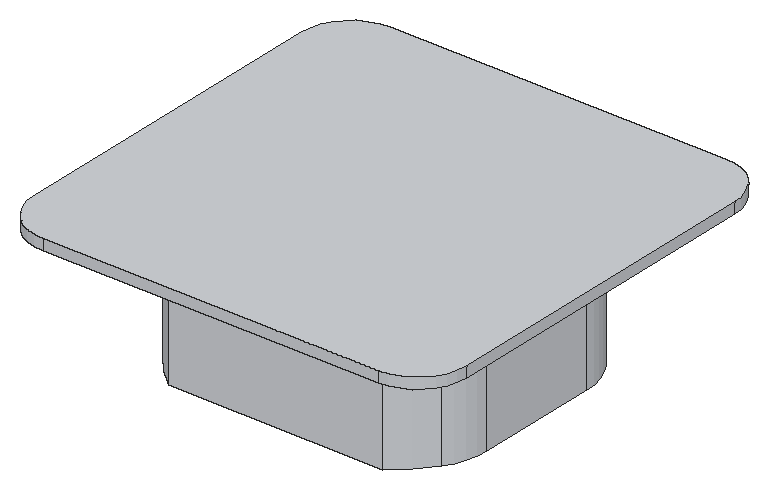
Revit family "Gira_015200", category Electrical Fixtures, host Face, Revit 2017
Family settings
  Host = Face
  Maintain Annotation Orientation = Yes
  Round Connector Dimension = Use Diameter
  Part Type = Normal
  Cut with Voids When Loaded = No
  Shared = No
  Room Calculation Point = No
Parameters (values of type "Wipptaster Schließer sMK Einsatz")
  Zusammenstellung = "Basiselement"
  Werkstoffgüte = "sonstige"
  Werkstoff = "sonstige"
  URL = "http://katalog.gira.de/de_DE/datenblatt.html?artikelnr=015200"
  Transparent = "No"
  Textfeld/Beschriftungsfläche = "No"
  Rückmeldekontakt = "Yes"
  Region = "DE"
  Oberfläche = "sonstige"
  Nennspannung = "250 Volt"
  Name = "Wipptaster Schließer sMK Einsatz"
  Montageart = "unter Putz"
  Mit Beleuchtung = "No"
  Manufacturer URL = "https://www.gira.de/"
  Kontakte = "1 Schließer"
  Keynote = "Einsatz_1fach"
  HeinzeBIM = "https://bimportal.heinze.de/bim/wipptaster-schliesser-smk-einsatz/08b7eafe8dda85a37a2a3efc5f5fbbbf9048b032"
  Halogenfrei = "No"
  HAN = "015200"
  Geeignet für Schutzart (IP) = "IP20"
  GTIN = "4010337152002"
  Farbe = "sonstige"
  Default Elevation = 1219.2 mm
  Data sheet (1) = "https://katalog.gira.de/de_DE/download.html?artikelnr=015200"
  Category = "Taster"
  Bemessungsstrom = "10 Ampere"
  Befestigungsart = "Krallen-/Schraubbefestigung"
  Bedienungsart = "Wippe"
  Available = "Yes"
  Ausführung = "Einzeltaster"
  Aufdruck = "ohne"
  Anzahl der Betätigungswippen = "1 "
Reference planes
  plane 1 "Center (Front/Back)": y = 0
  plane 2: z = 0
  plane 3 "Center (Left/Right)": x = 0
Forms (mm)
  Extrusion 1, solid, detail levels fine
    sketch origin (0, 0, 0) x (1, 0, 0) y (0, 1, 0)
      loop
        line (27.475, 35.475) -> (-27.475, 35.475)
        arc (-27.475, 35.475) -> (-33.132, 33.132) -> (-35.475, 27.475) r 8
        line (-35.475, 27.475) -> (-35.475, -27.475)
        arc (-35.475, -27.475) -> (-33.132, -33.132) -> (-27.475, -35.475) r 8
        line (-27.475, -35.475) -> (27.475, -35.475)
        arc (27.475, -35.475) -> (33.132, -33.132) -> (35.475, -27.475) r 8
        line (35.475, -27.475) -> (35.475, 27.475)
        arc (35.475, 27.475) -> (33.132, 33.132) -> (27.475, 35.475) r 8
    from 0 to 1.8
  Extrusion 2, solid, detail levels fine
    sketch origin (0, 0, 0) x (1, 0, 0) y (0, 1, 0)
      loop
        line (9.678, 25.4) -> (-9.678, 25.4)
        arc (-9.678, 25.4) -> (-12.885, 24.922) -> (-15.814, 23.53) r 11
        arc (-15.814, 23.53) -> (-17.795, 22.07) -> (-19.641, 20.444) r 28.35
        arc (-19.641, 20.444) -> (-21.339, 18.665) -> (-22.876, 16.745) r 28.35
        arc (-22.876, 16.745) -> (-24.456, 13.666) -> (-25, 10.248) r 11
        line (-25, 10.248) -> (-25, -10.248)
        arc (-25, -10.248) -> (-24.456, -13.666) -> (-22.876, -16.745) r 11
        arc (-22.876, -16.745) -> (-20.409, -19.677) -> (-17.569, -22.25) r 28.35
        line (-17.569, -22.25) -> (17.569, -22.25)
        arc (17.569, -22.25) -> (20.409, -19.677) -> (22.876, -16.745) r 28.35
        arc (22.876, -16.745) -> (24.456, -13.666) -> (25, -10.248) r 11
        line (25, -10.248) -> (25, 10.248)
        arc (25, 10.248) -> (24.456, 13.666) -> (22.876, 16.745) r 11
        arc (22.876, 16.745) -> (21.593, 18.37) -> (20.195, 19.897) r 28.35
        arc (20.195, 19.897) -> (18.096, 21.823) -> (15.814, 23.53) r 28.35
        arc (15.814, 23.53) -> (12.885, 24.922) -> (9.678, 25.4) r 11
    from -22 to 0
  Extrusion 3, solid, detail levels medium
    sketch origin (0, 0, 0) x (1, 0, 0) y (0, 1, 0)
      loop
        line (-25, 25.4) -> (-25, -22.25) -> (25, -22.25) -> (25, 25.4) -> (-25, 25.4)
    from -22 to 0
  Extrusion 4, solid, detail levels coarse
    sketch origin (0, 0, 0) x (1, 0, 0) y (0, 1, 0)
      loop
        line (35.475, 35.475) -> (-35.475, 35.475) -> (-35.475, -35.475) -> (35.475, -35.475) -> (35.475, 35.475)
    from -22 to 1.8
  Extrusion 5, solid, detail levels medium
    sketch origin (0, 0, 0) x (1, 0, 0) y (0, 1, 0)
      loop
        line (35.475, 35.475) -> (-35.475, 35.475) -> (-35.475, -35.475) -> (35.475, -35.475) -> (35.475, 35.475)
    from 0 to 1.8
Dimensions and locks
  aligned and locked: plane 2 to host face
  aligned and locked: level to host face
  aligned and locked: plane 3 "Center (Left/Right)" to nested 1
  aligned and locked: plane 1 "Center (Front/Back)" to nested 1
Nested families
  nested 1: "RJ45-Datendose Beschriftung" at (0, 0, 0), type "RJ45-Datendose Beschriftung"
Connectors
  electrical at (0, 0, -22)
    settings: on Extrusion 4, index 1, voltage 220 V, apparent load 0 VA, apparent load phase1 0 VA, apparent load phase2 0 VA, apparent load phase3 0 VA, power factor 1, load classification "Other", number of poles 1, system type 30, power factor state 1, is connector primary yes, connector utility no, sub classification motor no, connector description ""
Definition of nested family "RJ45-Datendose Beschriftung"
  Reference planes
    plane 1: y = 0
    plane 2: x = 0
  Lines and regions (mm)
    Filled region 1, type "Gefüllter Bereich 1"
      outline origin (0, 0, 0) x (1, 0, 0) y (0, 1, 0)
        loop
          circle (0, 2.4) r 0.4
    detail lines
      curve 1: line (0, 0, 0) -> (0, 2, 0)
      curve 2: line (0, 2, 0) -> (1.2, 2, 0)
      curve 3: line (1.2, 2, 0) -> (1.2, 3.6, 0)
      curve 4: circle (0, 2.4, 0) r 0.4 normal (0, 0, 1)
      curve 5: line (0, 2, 0) -> (-1.2, 2, 0)
      curve 6: line (-1.2, 2, 0) -> (-1.2, 3.6, 0)
